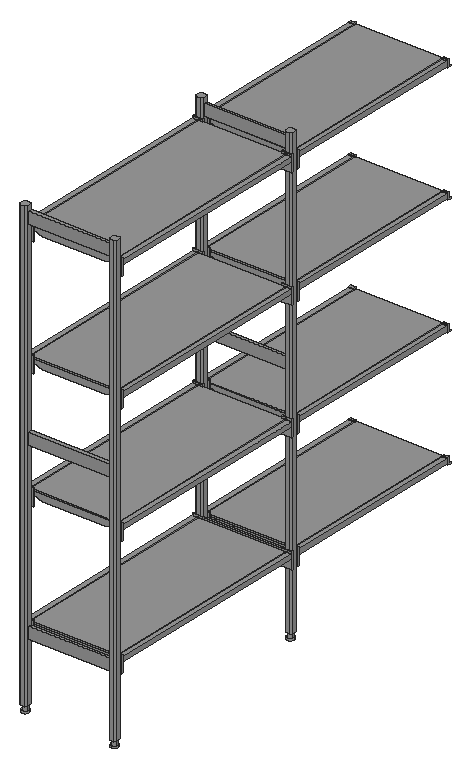
Revit family "QF_ELECTROLUXPROFESSIONAL_137059_ACS1574", category Attrezzature speciali, Revit 2020
Family settings
  Quota connettore circolare = Usa diametro
  Tipo di parte = Normale
  Basato su piano di lavoro = No
  Sempre verticale = Sì
  Taglio con vuoti quando caricato = No
  Condiviso = No
  Punto di calcolo locali = No
Parameters (values of type "Standard")
  Weight = 27.00 kg
  Watts = 0 W
  Volts = 0 V
  URL Manufacturer = "https://www.electroluxprofessional.com/"
  URL = "https://www.electroluxprofessional.com/"
  Steam Supply Size = 0 mm
  Steam Supply Minimum Pressure = 0.0 Pa
  Steam Supply Maximum Pressure = 0.0 Pa
  Steam Consumption per Hour = 0
  Refrigeration Suction Line Size = 0.0 mm
  Refrigeration Liquid Line Size = 0.0 mm
  Refrigerant Compressor Remote = yes
  Prospetto di default = 0.0 mm
  Phase = 0
  Modello = "ACS1574"
  Produttore = "Electrolux Professional"
  Length Actual = 1578.0 mm  # constant formula
  Item Number = "137059"
  Hot Water Size = 0 mm
  Height Actual = 1700.0 mm  # constant formula
  HP = "0 HP"
  Gas Size = 0 mm
  Gas KW = 0
  Gas Input Pressure = 0 W
  Direct Waste Size = 0 mm
  Descrizione = "ALUM.CORNER SHELV.-POLY.TIERS-373X1578MM"
  Depth Actual = 373.0 mm  # constant formula
  Cycle = 0 Hz
  Condensate Return Size = 0 mm
  Compressed Air Volume = 0.0 L/s
  Compressed Air Size = 0 mm
  Compressed Air Pressure = 0.0 Pa
  Cold Water Size = 0 mm
  Accessory = yes
Reference planes
  plane 1: z = 0
  plane 2 "CenterLeft": y = -535.5
  plane 3 "FRONT": y = -921.5
  plane 4 "LEFT": x = 192.5
  plane 5 "RIGHT": x = 565.5
  plane 6 "TOP": z = 1700
  plane 7: y = -889.5
  plane 8: y = -91.5
  plane 9 "Center (Left/Back)": x = 379
  plane 10: x = 205
  plane 11: x = 515
  plane 12 "FEET": z = 25
  plane 13: z = 275
  plane 14: z = 725
  plane 15: z = 1175
  plane 16: z = 1625
  plane 17 "CXLeft": y = -907.5
  plane 18 "Center (Front/Back)": y = -73.5
  plane 19 "CYFront": x = 510
  plane 20: y = 652.5
  plane 21: y = -55.5
  plane 22 "BACK": y = 656.5
  plane 23 "LEFT_ORIGIN": x = 158.5
  plane 24 "BACK_ORIGIN": y = 1029.5
Forms (mm)
  Extrusion 1, solid, material "QF_Aluminum"
    sketch origin (38.022, -921.5, -4.006) x (-1, 0, 0) y (0, 0, 1)
      loop
        line (-189.5, 1637.003) -> (-173.5, 1637.003) -> (-173.5, 1655) -> (-175.493, 1655) -> (-175.493, 1648.501) -> (-506.5, 1648.501) -> (-506.5, 1655) -> (-508.5, 1655) -> (-508.5, 1637.003) -> (-492.5, 1637.003) -> (-458.5, 1625) -> (-223.5, 1625) -> (-189.5, 1637.003)
      loop
        line (-189.5, 1187.003) -> (-173.5, 1187.003) -> (-173.5, 1205) -> (-175.493, 1205) -> (-175.493, 1198.501) -> (-506.5, 1198.501) -> (-506.5, 1205) -> (-508.5, 1205) -> (-508.5, 1187.003) -> (-492.5, 1187.003) -> (-458.5, 1175) -> (-223.5, 1175) -> (-189.5, 1187.003)
      loop
        line (-189.5, 737.003) -> (-173.5, 737.003) -> (-173.5, 755) -> (-175.493, 755) -> (-175.493, 748.501) -> (-506.5, 748.501) -> (-506.5, 755) -> (-508.5, 755) -> (-508.5, 737.003) -> (-492.5, 737.003) -> (-458.5, 725) -> (-223.5, 725) -> (-189.5, 737.003)
      loop
        line (-189.5, 287.003) -> (-173.5, 287.003) -> (-173.5, 305) -> (-175.493, 305) -> (-175.493, 298.501) -> (-506.5, 298.501) -> (-506.5, 305) -> (-508.5, 305) -> (-508.5, 287.003) -> (-492.5, 287.003) -> (-458.5, 275) -> (-223.5, 275) -> (-189.5, 287.003)
    from 37 to 32
  Extrusion 2, solid, material "QF_Aluminum"
    sketch origin (38.022, -921.5, 0) x (-1, 0, 0) y (0, 0, 1)
      loop
        line (-154.478, 246.005) -> (-154.478, 307.993) -> (-190.471, 307.993) -> (-190.471, 246.005) -> (-154.478, 246.005)
      loop
        line (-527.478, 246.005) -> (-491.484, 246.005) -> (-491.484, 307.993) -> (-527.478, 307.993) -> (-527.478, 246.005)
      loop
        line (-154.478, 696.005) -> (-154.478, 757.993) -> (-190.471, 757.993) -> (-190.471, 696.005) -> (-154.478, 696.005)
      loop
        line (-527.478, 696.005) -> (-491.484, 696.005) -> (-491.484, 757.993) -> (-527.478, 757.993) -> (-527.478, 696.005)
      loop
        line (-154.478, 1146.005) -> (-154.478, 1207.993) -> (-190.471, 1207.993) -> (-190.471, 1146.005) -> (-154.478, 1146.005)
      loop
        line (-527.478, 1146.005) -> (-491.484, 1146.005) -> (-491.484, 1207.993) -> (-527.478, 1207.993) -> (-527.478, 1146.005)
      loop
        line (-154.478, 1596.005) -> (-154.478, 1657.993) -> (-190.471, 1657.993) -> (-190.471, 1596.005) -> (-154.478, 1596.005)
      loop
        line (-527.478, 1596.005) -> (-491.484, 1596.005) -> (-491.484, 1657.993) -> (-527.478, 1657.993) -> (-527.478, 1596.005)
    from 28 to 32
  Extrusion 3, solid, material "QF_Aluminum"
    sketch origin (38.022, -921.5, 0) x (-1, 0, 0) y (0, 0, 1)
      loop
        line (-154.5, 1650.994) -> (-173.5, 1650.994) -> (-173.5, 1632.998) -> (-154.5, 1632.998) -> (-154.5, 1650.994)
      loop
        line (-154.5, 1200.994) -> (-173.5, 1200.994) -> (-173.5, 1182.998) -> (-154.5, 1182.998) -> (-154.5, 1200.994)
      loop
        line (-154.5, 750.994) -> (-173.5, 750.994) -> (-173.5, 732.998) -> (-154.5, 732.998) -> (-154.5, 750.994)
      loop
        line (-154.5, 300.994) -> (-173.5, 300.994) -> (-173.5, 282.998) -> (-154.5, 282.998) -> (-154.5, 300.994)
      loop
        line (-527.455, 1650.994) -> (-527.455, 1632.998) -> (-508.455, 1632.998) -> (-508.455, 1650.994) -> (-527.455, 1650.994)
      loop
        line (-527.455, 1200.994) -> (-527.455, 1182.998) -> (-508.455, 1182.998) -> (-508.455, 1200.994) -> (-527.455, 1200.994)
      loop
        line (-527.455, 750.994) -> (-527.455, 732.998) -> (-508.455, 732.998) -> (-508.455, 750.994) -> (-527.455, 750.994)
      loop
        line (-527.455, 300.994) -> (-527.455, 282.998) -> (-508.455, 282.998) -> (-508.455, 300.994) -> (-527.455, 300.994)
    from 32 to 830
  Extrusion 4, solid, material "QF_Polyethylene"
    sketch origin (38.022, -921.5, 0) x (-1, 0, 0) y (0, 0, 1)
      loop
        line (-175.493, 1650.994) -> (-506.5, 1650.994) -> (-506.5, 1644.496) -> (-175.493, 1644.496) -> (-175.493, 1650.994)
      loop
        line (-175.493, 1200.994) -> (-506.5, 1200.994) -> (-506.5, 1194.496) -> (-175.493, 1194.496) -> (-175.493, 1200.994)
      loop
        line (-175.493, 750.994) -> (-506.5, 750.994) -> (-506.5, 744.496) -> (-175.493, 744.496) -> (-175.493, 750.994)
      loop
        line (-175.493, 300.994) -> (-506.5, 300.994) -> (-506.5, 294.496) -> (-175.493, 294.496) -> (-175.493, 300.994)
    from 32 to 830
  Extrusion 5, solid, material "QF_Aluminum"
    sketch origin (38.022, 684.5, 0) x (-1, 0, 0) y (0, 0, 1)
      loop
        line (-154.5, 1650.994) -> (-173.5, 1650.994) -> (-173.5, 1632.998) -> (-154.5, 1632.998) -> (-154.5, 1650.994)
      loop
        line (-508.5, 1650.994) -> (-527.455, 1650.994) -> (-527.455, 1632.998) -> (-508.5, 1632.998) -> (-508.5, 1650.994)
      loop
        line (-154.5, 1200.994) -> (-173.5, 1200.994) -> (-173.5, 1182.998) -> (-154.5, 1182.998) -> (-154.5, 1200.994)
      loop
        line (-508.5, 1200.994) -> (-527.455, 1200.994) -> (-527.455, 1182.998) -> (-508.5, 1182.998) -> (-508.5, 1200.994)
      loop
        line (-154.5, 750.994) -> (-173.5, 750.994) -> (-173.5, 732.998) -> (-154.5, 732.998) -> (-154.5, 750.994)
      loop
        line (-508.5, 750.994) -> (-527.455, 750.994) -> (-527.455, 732.998) -> (-508.5, 732.998) -> (-508.5, 750.994)
      loop
        line (-154.5, 300.994) -> (-173.5, 300.994) -> (-173.5, 282.998) -> (-154.5, 282.998) -> (-154.5, 300.994)
      loop
        line (-508.5, 300.994) -> (-527.455, 300.994) -> (-527.455, 282.998) -> (-508.5, 282.998) -> (-508.5, 300.994)
    from -32 to -740
  Extrusion 6, solid, material "QF_Polyethylene"
    sketch origin (38.022, 684.5, 0) x (-1, 0, 0) y (0, 0, 1)
      loop
        line (-175.493, 1650.994) -> (-506.5, 1650.994) -> (-506.5, 1644.496) -> (-175.493, 1644.496) -> (-175.493, 1650.994)
      loop
        line (-175.493, 1200.994) -> (-506.5, 1200.994) -> (-506.5, 1194.496) -> (-175.493, 1194.496) -> (-175.493, 1200.994)
      loop
        line (-175.493, 750.994) -> (-506.5, 750.994) -> (-506.5, 744.496) -> (-175.493, 744.496) -> (-175.493, 750.994)
      loop
        line (-175.493, 300.994) -> (-506.5, 300.994) -> (-506.5, 294.496) -> (-175.493, 294.496) -> (-175.493, 300.994)
    from -32 to -740
Lines and regions (mm)
  symbolic lines
    curve 1: line (205, -912.5, 1700) -> (515, -912.5, 1700)
    curve 2: line (515, -902.5, 1700) -> (205, -902.5, 1700)
    curve 3: line (192.5, -893.5, 1700) -> (192.5, -87.5, 1700)
    curve 4: line (565.5, -889.5, 1700) -> (565.5, -91.5, 1700)
    curve 5: line (192.5, -59.5, 1700) -> (192.5, 656.5, 1700)
    curve 6: line (565.5, -59.5, 1700) -> (565.5, 656.5, 1700)
    curve 7: line (211.522, 652.5, 1700) -> (510.507, 652.5, 1700)
    curve 8: line (211.522, -91.5, 1700) -> (510.507, -91.5, 1700)
    curve 9: line (510.507, -55.5, 1700) -> (211.522, -55.5, 1700)
    curve 10: line (211.522, -889.5, 1700) -> (510.507, -889.5, 1700)
    curve 11: line (211.522, -889.5, 1700) -> (211.522, -91.5, 1700)
    curve 12: line (546.478, -91.5, 1700) -> (546.478, -889.5, 1700)
    curve 13: line (211.522, -55.5, 1700) -> (211.522, 652.5, 1700)
    curve 14: line (546.522, 652.5, 1700) -> (546.522, -145.5, 1700)
Dimensions and locks
  plane 3 "FRONT" to plane 2 "CenterLeft" = 386.0 mm
  locked: plane 6 "TOP" to level at 1700
  locked: plane 7 to plane 8 at 798
  locked: plane 10 to plane 11 at 310
  plane 10 to plane 9 "Center (Left/Back)" to plane 11 = 174.0 mm, 136.0 mm
  equal spacing: plane 4 "LEFT", plane 9 "Center (Left/Back)", plane 5 "RIGHT"
  plane 12 "FEET" to level = 25.0 mm
  plane 6 "TOP" to plane 12 "FEET" = 1675.0 mm
  plane 13 to plane 12 "FEET" = 250.0 mm
  plane 14 to plane 13 = 450.0 mm
  plane 15 to plane 14 = 450.0 mm
  plane 16 to plane 15 = 450.0 mm
  plane 19 "CYFront" to Extrusion 1 sketch curve = 34.522 mm
  locked: plane 21 to plane 20 at 708
  locked: plane 8 to plane 18 "Center (Front/Back)" at 18
  locked: plane 18 "Center (Front/Back)" to plane 21 at 18
  locked: plane 3 "FRONT" to plane 7 at 32
  locked: plane 4 "LEFT" to plane 5 "RIGHT" at 373
  locked: plane 23 "LEFT_ORIGIN" to plane 5 "RIGHT" at 407
  locked: plane 22 "BACK" to plane 24 "BACK_ORIGIN" at 373
  locked: plane 22 "BACK" to plane 3 "FRONT" at 1578
  aligned and locked: level to plane 1
  aligned and locked: Extrusion 1 to plane 7
  aligned and locked: plane 7 to Extrusion 2
  aligned and locked: Extrusion 4 to plane 7
  aligned and locked: plane 8 to Extrusion 4
  aligned and locked: Extrusion 3 to plane 7
  aligned and locked: plane 8 to Extrusion 3
  aligned and locked: Extrusion 1 sketch curve to Extrusion 1 sketch curve  (x3)
  aligned and locked: Extrusion 4 sketch curve to Extrusion 1  (x4)
  aligned and locked: Extrusion 5 sketch curve to Extrusion 5 sketch curve  (x2)
  aligned and locked: Extrusion 5 to plane 21  (x5)
  aligned and locked: Extrusion 6 to plane 21  (x5)
  aligned and locked: nested 2 to plane 18 "Center (Front/Back)"
  aligned and locked: nested 1 to plane 17 "CXLeft"
  aligned and locked: plane 7 to Extrusion 3  (x3)
  aligned and locked: Extrusion 3 to plane 8  (x4)
  aligned and locked: Extrusion 4 to plane 8  (x4)
  aligned and locked: plane 20 to Extrusion 5
  aligned and locked: plane 20 to Extrusion 6
  aligned and locked: Extrusion 5 to plane 20  (x3)
  aligned and locked: Extrusion 6 to plane 20  (x3)
  aligned and locked: plane 9 "Center (Left/Back)" to nested 2
  aligned and locked: nested 3 to plane 22 "BACK"
Automatic sketch dimensions
  curve 1 to plane 10 = 0.0 mm
  curve 1 to plane 11 = 0.0 mm
  curve 2 to plane 10 = 0.0 mm
  curve 2 to plane 11 = 0.0 mm
  curve 3 to plane 4 "LEFT" = 0.0 mm
  plane 7 to curve 10 = 0.0 mm
  curve 4 to plane 5 "RIGHT" = 0.0 mm
  plane 7 to curve 4 = 0.0 mm
  plane 8 to curve 8 = 0.0 mm
  plane 8 to curve 4 = 0.0 mm
  curve 6 to plane 5 "RIGHT" = 0.0 mm
  curve 5 to plane 4 "LEFT" = 0.0 mm
  curve 9 to plane 21 = 0.0 mm
  plane 20 to curve 7 = 0.0 mm
  plane 7 to curve 3 = 4.0 mm
  plane 17 "CXLeft" to curve 2 = 5.0 mm
  curve 1 to plane 17 "CXLeft" = 5.0 mm
  curve 3 to plane 8 = 4.0 mm
  curve 6 to plane 21 = 4.0 mm
  curve 5 to plane 21 = 4.0 mm
  curve 6 to plane 20 = 4.0 mm
  curve 5 to plane 20 = 4.0 mm
  plane 11 to curve 10 = 4.493 mm
  plane 11 to curve 9 = 4.493 mm
  plane 11 to curve 8 = 4.493 mm
  plane 11 to curve 7 = 4.493 mm
  curve 8 to plane 10 = 6.522 mm
  curve 7 to plane 10 = 6.522 mm
  Extrusion 1 sketch curve to plane 19 "CYFront" = 36.522 mm  (x4)
  Extrusion 1 sketch curve to plane 11 = 15.522 mm  (x4)
  Extrusion 1 sketch curve to plane 13 = 4.006 mm
  Extrusion 1 sketch curve to Extrusion 1 sketch curve = 34.0 mm  (x4)
  Extrusion 1 sketch curve to plane 14 = 4.006 mm
  Extrusion 1 sketch curve to plane 15 = 4.006 mm
  Extrusion 1 sketch curve to plane 16 = 4.006 mm
  Extrusion 1 sketch curve to plane 10 = 56.522 mm  (x4)
  Extrusion 1 sketch curve to plane 10 = 22.522 mm  (x4)
  plane 13 to Extrusion 1 sketch curve = 7.998 mm  (x2)
  Extrusion 1 sketch curve to Extrusion 1 sketch curve = 11.498 mm  (x4)
  Extrusion 1 sketch curve to Extrusion 1 sketch curve = 6.499 mm  (x8)
  plane 14 to Extrusion 1 sketch curve = 7.998 mm  (x2)
  plane 15 to Extrusion 1 sketch curve = 7.998 mm  (x2)
  plane 16 to Extrusion 1 sketch curve = 7.998 mm  (x2)
  Extrusion 2 sketch curve to plane 5 "RIGHT" = 0.0 mm  (x4)
  Extrusion 2 sketch curve to plane 4 "LEFT" = 0.0 mm  (x4)
  Extrusion 2 sketch curve to plane 11 = 14.507 mm  (x4)
  Extrusion 2 sketch curve to plane 10 = 23.493 mm  (x4)
  Extrusion 2 sketch curve to plane 13 = 28.995 mm  (x2)
  plane 13 to Extrusion 2 sketch curve = 32.993 mm  (x2)
  Extrusion 2 sketch curve to plane 14 = 28.995 mm  (x2)
  plane 14 to Extrusion 2 sketch curve = 32.993 mm  (x2)
  Extrusion 2 sketch curve to plane 15 = 28.995 mm  (x2)
  plane 15 to Extrusion 2 sketch curve = 32.993 mm  (x2)
  Extrusion 2 sketch curve to plane 16 = 28.995 mm  (x2)
  plane 16 to Extrusion 2 sketch curve = 32.993 mm  (x2)
  plane 13 to Extrusion 4 sketch curve = 19.496 mm
  Extrusion 4 sketch curve to Extrusion 4 sketch curve = 6.499 mm  (x4)
  plane 14 to Extrusion 4 sketch curve = 19.496 mm
  plane 15 to Extrusion 4 sketch curve = 19.496 mm
  plane 16 to Extrusion 4 sketch curve = 19.496 mm
  plane 5 "RIGHT" to Extrusion 5 sketch curve = 0.022 mm  (x4)
  Extrusion 5 sketch curve to plane 4 "LEFT" = 19.022 mm  (x4)
  Extrusion 5 sketch curve to plane 19 "CYFront" = 36.522 mm  (x2)
  plane 13 to Extrusion 5 sketch curve = 7.998 mm  (x2)
  Extrusion 5 sketch curve to Extrusion 5 sketch curve = 17.997 mm  (x8)
  plane 14 to Extrusion 5 sketch curve = 7.998 mm  (x2)
  plane 15 to Extrusion 5 sketch curve = 7.998 mm  (x2)
  plane 16 to Extrusion 5 sketch curve = 7.998 mm  (x2)
  Extrusion 6 sketch curve to plane 19 "CYFront" = 34.522 mm  (x4)
  plane 13 to Extrusion 6 sketch curve = 19.496 mm
  Extrusion 6 sketch curve to Extrusion 6 sketch curve = 6.499 mm  (x4)
  plane 14 to Extrusion 6 sketch curve = 19.496 mm
  plane 15 to Extrusion 6 sketch curve = 19.496 mm
  plane 16 to Extrusion 6 sketch curve = 19.496 mm
  plane 5 "RIGHT" to Extrusion 3 sketch curve = 0.022 mm  (x4)
  Extrusion 3 sketch curve to Extrusion 3 sketch curve = 19.0 mm  (x4)
  plane 14 to Extrusion 3 sketch curve = 7.998 mm  (x2)
  Extrusion 3 sketch curve to plane 10 = 6.522 mm  (x4)
  Extrusion 3 sketch curve to plane 4 "LEFT" = 0.022 mm  (x4)
  plane 13 to Extrusion 3 sketch curve = 25.994 mm  (x2)
  plane 13 to Extrusion 3 sketch curve = 7.998 mm  (x2)
  Extrusion 3 sketch curve to Extrusion 3 sketch curve = 17.997 mm  (x6)
  plane 15 to Extrusion 3 sketch curve = 7.998 mm  (x2)
  plane 16 to Extrusion 3 sketch curve = 7.998 mm  (x2)
  plane 7 to curve 12 = 0.0 mm
  plane 8 to curve 12 = 0.0 mm
  curve 4 to curve 12 = 19.022 mm
  Extrusion 1 sketch curve to plane 10 = 8.516 mm  (x4)
  Extrusion 1 sketch curve to plane 10 = 6.522 mm  (x2)
  Extrusion 1 sketch curve to Extrusion 1 sketch curve = 1.993 mm  (x2)
  Extrusion 4 sketch curve to plane 10 = 8.516 mm  (x4)
  Extrusion 5 sketch curve to plane 4 "LEFT" = 0.022 mm  (x4)
  Extrusion 6 sketch curve to plane 10 = 8.516 mm  (x4)
Nested families
  nested 1: "WT_Anta373" at (215.5, -504.5, 0) x (0, 1, 0) z (0, 0, 1), type "WT_Anta373"
  nested 2: "WT_Anta373Center" at (215.5, 329.5, 0) x (0, 1, 0) z (0, 0, 1), type "WT_Anta373Center"
  nested 3: "WT_Aggancio373" at (215.5, 1064.5, 0) x (0, 1, 0) z (0, 0, 1), type "WT_Aggancio373"
Definition of nested family "WT_Anta373"
  Parameters
    WidthLeft = A + 64.0 mm  # 772.0 mm
    Width = 1606.0 mm
    Right = WidthLeft / 2  # 386.0 mm
    Default Elevation = 0.0 mm
    Left = -WidthLeft / 2  # -386.0 mm
    Height = 1725.0 mm
    FEET = 25.0 mm
    E = 0.0 mm
    Dint = Depth - 63.0 mm  # 310.0 mm
    Dext = Depth - 8.0 mm  # 365.0 mm
    Depth = 373.0 mm
    DX = (WidthLeft - A) / 2  # 32.0 mm
    B = 798.0 mm
    A = 708.0 mm
  Reference planes
    plane 1: z = 0
    plane 2 "LEFT": x = -417
    plane 3 "BACK": y = 23
    plane 4 "FRONT": y = -350
    plane 5 "TOP": z = 1725
    plane 6 "Center (Front/Back)": y = -163.5
    plane 7: y = -8.5
    plane 8: y = -318.5
    plane 9 "FEET": z = 25
    plane 10: z = 275
    plane 11: z = 725
    plane 12: z = 1175
    plane 13: z = 1625
    plane 14 "CXLeft": x = -403
    plane 15: y = 5.5
    plane 16 "CYBack": y = 5.5
    plane 17 "CYFront": y = -332.5
    plane 18: x = -385.031
    plane 19: x = -380.031
  Forms (mm)
    Extrusion 1, solid
      sketch origin (0, 0, 0) x (1, 0, 0) y (0, 1, 0)
        loop
          line (-417, 13.246) -> (-417, -2.246) -> (-410.746, -8.5) -> (-395.254, -8.5) -> (-389, -2.246) -> (-389, 13.246) -> (-395.254, 19.5) -> (-410.746, 19.5) -> (-417, 13.246)
      from 1725 to 25
    Extrusion 2, solid
      sketch origin (-417, 0, 0) x (0, 1, 0) y (0, 0, 1)
        loop
          line (23, 246.005) -> (23, 307.993) -> (-12.993, 307.993) -> (-12.993, 246.005) -> (23, 246.005)
        loop
          line (-350, 246.005) -> (-314.007, 246.005) -> (-314.007, 307.993) -> (-350, 307.993) -> (-350, 246.005)
        loop
          line (23, 696.005) -> (23, 757.993) -> (-12.993, 757.993) -> (-12.993, 696.005) -> (23, 696.005)
        loop
          line (-350, 696.005) -> (-314.007, 696.005) -> (-314.007, 757.993) -> (-350, 757.993) -> (-350, 696.005)
        loop
          line (23, 1146.005) -> (23, 1207.993) -> (-12.993, 1207.993) -> (-12.993, 1146.005) -> (23, 1146.005)
        loop
          line (-350, 1146.005) -> (-314.007, 1146.005) -> (-314.007, 1207.993) -> (-350, 1207.993) -> (-350, 1146.005)
        loop
          line (23, 1596.005) -> (23, 1657.993) -> (-12.993, 1657.993) -> (-12.993, 1596.005) -> (23, 1596.005)
        loop
          line (-350, 1596.005) -> (-314.007, 1596.005) -> (-314.007, 1657.993) -> (-350, 1657.993) -> (-350, 1596.005)
      from 28 to 32
    Revolve 3, solid
      sketch origin (-403, 0, 0) x (0, 1, 0) y (0, 0, 1)
        loop
          line (5.5, 25) -> (5.5, 0) -> (19, 0) -> (19, 5) -> (14, 5) -> (14, 25) -> (5.5, 25)
        axis (5.5, 25) -> (5.5, 0)
      angle from 0 to 360
    Extrusion 4, solid
      sketch origin (-403, 0, 0) x (0, 1, 0) y (0, 0, 1)
        loop
          line (-8.5, 912.382) -> (-8.5, 957.374) -> (-318.5, 957.374) -> (-318.5, 912.382) -> (-8.5, 912.382)
        loop
          line (-8.5, 1662.244) -> (-8.5, 1707.236) -> (-318.5, 1707.236) -> (-318.5, 1662.244) -> (-8.5, 1662.244)
      from -5 to 5
    Revolve 5, solid
      sketch origin (-403, -627, 0) x (0, -1, 0) y (0, 0, 1)
        loop
          line (-294.5, 25) -> (-294.5, 0) -> (-281, 0) -> (-281, 5) -> (-286, 5) -> (-286, 25) -> (-294.5, 25)
        axis (-294.5, 25) -> (-294.5, 0)
      angle from 0 to 360
    Extrusion 6, solid
      sketch origin (0, -627, 0) x (1, 0, 0) y (0, 1, 0)
        loop
          line (-417, 286.754) -> (-410.746, 280.5) -> (-395.254, 280.5) -> (-389, 286.754) -> (-389, 302.246) -> (-395.254, 308.5) -> (-410.746, 308.5) -> (-417, 302.246) -> (-417, 286.754)
      from 1725 to 25
    Extrusion 7, solid
      sketch origin (-417.031, -0.022, 0) x (0, 1, 0) y (0, 0, -1)
        loop
          line (-12, -1632.998) -> (-46, -1620.994) -> (-281, -1620.994) -> (-315, -1632.998) -> (-331, -1632.998) -> (-331, -1650.994) -> (-329, -1650.994) -> (-329, -1644.496) -> (2.007, -1644.496) -> (2.007, -1650.994) -> (4, -1650.994) -> (4, -1632.998) -> (-12, -1632.998)
        loop
          line (-12, -1182.998) -> (-46, -1170.994) -> (-281, -1170.994) -> (-315, -1182.998) -> (-331, -1182.998) -> (-331, -1200.994) -> (-329, -1200.994) -> (-329, -1194.496) -> (2.007, -1194.496) -> (2.007, -1200.994) -> (4, -1200.994) -> (4, -1182.998) -> (-12, -1182.998)
        loop
          line (-12, -732.998) -> (-46, -720.994) -> (-281, -720.994) -> (-315, -732.998) -> (-331, -732.998) -> (-331, -750.994) -> (-329, -750.994) -> (-329, -744.496) -> (2.007, -744.496) -> (2.007, -750.994) -> (4, -750.994) -> (4, -732.998) -> (-12, -732.998)
        loop
          line (-12, -282.998) -> (-46, -270.994) -> (-281, -270.994) -> (-315, -282.998) -> (-331, -282.998) -> (-331, -300.994) -> (-329, -300.994) -> (-329, -294.496) -> (2.007, -294.496) -> (2.007, -300.994) -> (4, -300.994) -> (4, -282.998) -> (-12, -282.998)
      from -32 to -37
    Extrusion 8, solid
      sketch origin (-403, 0, -659.878) x (0, 1, 0) y (0, 0, 1)
        loop
          line (-8.5, 912.382) -> (-8.5, 957.374) -> (-318.5, 957.374) -> (-318.5, 912.382) -> (-8.5, 912.382)
        loop
          line (-8.5, 1572.382) -> (-8.5, 1617.374) -> (-318.5, 1617.374) -> (-318.5, 1572.382) -> (-8.5, 1572.382)
        loop
          line (-8.5, 2322.382) -> (-8.5, 2367.374) -> (-318.5, 2367.374) -> (-318.5, 2322.382) -> (-8.5, 2322.382)
      from -5 to 5
  Lines and regions (mm)
    symbolic lines
      curve 1: line (-408, -8.5, 1725) -> (-408, -318.5, 1725)
      curve 2: line (-398, -318.5, 1725) -> (-398, -8.5, 1725)
      curve 3: line (-395.254, -8.5, 1725) -> (-410.746, -8.5, 1725)
      curve 4: line (-417, -2.246, 1725) -> (-410.746, -8.5, 1725)
      curve 5: line (-417, 13.246, 1725) -> (-417, -2.246, 1725)
      curve 6: line (-410.746, 19.5, 1725) -> (-417, 13.246, 1725)
      curve 7: line (-395.254, 19.5, 1725) -> (-410.746, 19.5, 1725)
      curve 8: line (-389, 13.246, 1725) -> (-395.254, 19.5, 1725)
      curve 9: line (-395.254, -8.5, 1725) -> (-389, -2.246, 1725)
      curve 10: line (-395.254, -318.5, 1725) -> (-410.746, -318.5, 1725)
      curve 11: line (-417, -324.754, 1725) -> (-410.746, -318.5, 1725)
      curve 12: line (-410.746, -346.5, 1725) -> (-417, -340.246, 1725)
      curve 13: line (-395.254, -346.5, 1725) -> (-410.746, -346.5, 1725)
      curve 14: line (-389, -340.246, 1725) -> (-395.254, -346.5, 1725)
      curve 15: line (-395.254, -318.5, 1725) -> (-389, -324.754, 1725)
      curve 16: line (-389, -350, 1725) -> (-389, -314.007, 1725)
      curve 17: line (-389, -314.007, 1725) -> (-385, -314.007, 1725)
      curve 18: line (-389, 23, 1725) -> (-389, -12.993, 1725)
      curve 19: line (-389, -12.993, 1725) -> (-385, -12.993, 1725)
      curve 20: line (-417, -324.754, 1725) -> (-417, -340.246, 1725)
      curve 21: line (-385, -350, 1725) -> (-385, -314.007, 1725)
      curve 22: line (-385, -350, 1725) -> (-389, -350, 1725)
      curve 23: line (-385, 23, 1725) -> (-389, 23, 1725)
      curve 24: line (-385, -12.993, 1725) -> (-385, 23, 1725)
      curve 25: line (-385.031, -13.016, 1725) -> (-385.031, -314.029, 1725)
  Dimensions and locks
    "Height": plane 5 "TOP" to level
    "Depth": plane 3 "BACK" to plane 4 "FRONT"
    "Dint": plane 7 to plane 8
    equal spacing: plane 7, plane 6 "Center (Front/Back)", plane 8
    equal spacing: plane 3 "BACK", plane 6 "Center (Front/Back)", plane 4 "FRONT"
    plane 9 "FEET" to level = 25.0 mm
    plane 5 "TOP" to plane 9 "FEET" = 1700.0 mm
    plane 10 to plane 9 "FEET" = 250.0 mm
    plane 11 to plane 10 = 450.0 mm
    plane 12 to plane 11 = 450.0 mm
    plane 13 to plane 12 = 450.0 mm
    locked: plane 2 "LEFT" to plane 14 "CXLeft" at 14
    locked: plane 3 "BACK" to plane 16 "CYBack" at 17.5
    locked: plane 17 "CYFront" to plane 4 "FRONT" at 17.5
    locked: Revolve 3 sketch curve to Revolve 3 sketch curve at 8.5
    locked: Revolve 3 sketch curve to plane 16 "CYBack" at 13.5
    locked: Revolve 5 sketch curve to Revolve 5 sketch curve at 8.5
    aligned and locked: level to plane 1
    aligned and locked: curve 20 to Extrusion 6
    aligned and locked: plane 5 "TOP" to Extrusion 1
    aligned and locked: plane 5 "TOP" to Extrusion 6
    aligned and locked: Extrusion 7 sketch curve to Extrusion 7 sketch curve  (x3)
  Automatic sketch dimensions
    curve 16 to plane 4 "FRONT" = 0.0 mm
    curve 11 to plane 8 = 0.0 mm
    curve 9 to plane 7 = 0.0 mm
    curve 5 to plane 2 "LEFT" = 0.0 mm
    curve 23 to plane 3 "BACK" = 0.0 mm
    plane 4 "FRONT" to curve 13 = 3.5 mm
    curve 20 to plane 17 "CYFront" = 7.746 mm
    curve 20 to plane 8 = 6.254 mm
    plane 8 to curve 16 = 4.493 mm
    curve 24 to plane 18 = 0.031 mm
    curve 24 to plane 7 = 4.493 mm
    plane 7 to curve 5 = 6.254 mm
    curve 5 to plane 15 = 7.746 mm
    curve 6 to plane 3 "BACK" = 3.5 mm
    curve 21 to plane 18 = 0.031 mm
    plane 18 to curve 23 = 3.969 mm
    plane 18 to curve 16 = 3.969 mm
    curve 18 to curve 8 = 6.254 mm
    curve 18 to curve 3 = 6.254 mm
    curve 16 to curve 13 = 6.254 mm
    curve 16 to curve 15 = 6.254 mm
    plane 2 "LEFT" to curve 10 = 6.254 mm
    plane 2 "LEFT" to curve 7 = 6.254 mm
    plane 2 "LEFT" to curve 12 = 6.254 mm
    plane 2 "LEFT" to curve 3 = 6.254 mm
    curve 14 to plane 17 "CYFront" = 7.746 mm
    curve 15 to plane 8 = 6.254 mm
    plane 7 to curve 9 = 6.254 mm
    curve 8 to plane 15 = 7.746 mm
    curve 3 to curve 2 = 2.746 mm
    curve 1 to curve 10 = 2.746 mm
    Extrusion 1 sketch curve to plane 2 "LEFT" = 0.0 mm
    Extrusion 1 sketch curve to plane 7 = 0.0 mm
    plane 2 "LEFT" to Extrusion 1 sketch curve = 6.254 mm  (x2)
    plane 14 "CXLeft" to Extrusion 1 sketch curve = 7.746 mm  (x2)
    Extrusion 1 sketch curve to plane 3 "BACK" = 3.5 mm
    plane 18 to Extrusion 1 sketch curve = 3.969 mm
    plane 7 to Extrusion 1 sketch curve = 6.254 mm  (x2)
    Extrusion 1 sketch curve to plane 15 = 7.746 mm  (x2)
    Extrusion 2 sketch curve to plane 4 "FRONT" = 0.0 mm  (x4)
    Extrusion 2 sketch curve to plane 3 "BACK" = 0.0 mm  (x4)
    plane 8 to Extrusion 2 sketch curve = 4.493 mm  (x4)
    Extrusion 2 sketch curve to plane 7 = 4.493 mm  (x4)
    Extrusion 2 sketch curve to plane 10 = 28.995 mm  (x2)
    plane 10 to Extrusion 2 sketch curve = 32.993 mm  (x2)
    Extrusion 2 sketch curve to plane 11 = 28.995 mm  (x2)
    plane 11 to Extrusion 2 sketch curve = 32.993 mm  (x2)
    Extrusion 2 sketch curve to plane 12 = 28.995 mm  (x2)
    plane 12 to Extrusion 2 sketch curve = 32.993 mm  (x2)
    Extrusion 2 sketch curve to plane 13 = 28.995 mm  (x2)
    plane 13 to Extrusion 2 sketch curve = 32.993 mm  (x2)
    Revolve 3 sketch curve to plane 9 "FEET" = 0.0 mm  (x2)
    Revolve 3 sketch curve to plane 15 = 0.0 mm  (x2)
    Revolve 3 sketch curve to level = 0.0 mm
    level to Revolve 3 sketch curve = 5.0 mm
    Revolve 3 sketch curve to Revolve 3 sketch curve = 11.655 mm
    Extrusion 4 sketch curve to plane 8 = 0.0 mm  (x2)
    Extrusion 4 sketch curve to plane 7 = 0.0 mm  (x2)
    plane 11 to Extrusion 4 sketch curve = 187.382 mm
    Extrusion 4 sketch curve to Extrusion 4 sketch curve = 44.992 mm
    plane 13 to Extrusion 4 sketch curve = 37.244 mm
    Extrusion 4 sketch curve to plane 5 "TOP" = 17.764 mm
    Revolve 5 sketch curve to plane 9 "FEET" = 0.0 mm  (x2)
    Revolve 5 sketch curve to plane 17 "CYFront" = 0.0 mm  (x2)
    Revolve 5 sketch curve to level = 0.0 mm
    Revolve 5 sketch curve to plane 4 "FRONT" = 4.0 mm
    Revolve 5 sketch curve to Revolve 5 sketch curve = 5.0 mm
    level to Revolve 5 sketch curve = 11.655 mm
    Extrusion 6 sketch curve to plane 2 "LEFT" = 0.0 mm
    Extrusion 6 sketch curve to plane 8 = 0.0 mm
    Extrusion 6 sketch curve to plane 2 "LEFT" = 6.254 mm  (x2)
    Extrusion 6 sketch curve to plane 14 "CXLeft" = 7.746 mm  (x2)
    Extrusion 6 sketch curve to plane 4 "FRONT" = 3.5 mm
    Extrusion 6 sketch curve to plane 18 = 3.969 mm
    plane 8 to Extrusion 6 sketch curve = 6.254 mm  (x2)
    plane 17 "CYFront" to Extrusion 6 sketch curve = 7.746 mm  (x2)
    plane 17 "CYFront" to Extrusion 7 sketch curve = 1.478 mm  (x4)
    Extrusion 7 sketch curve to Extrusion 7 sketch curve = 2.0 mm
    plane 8 to Extrusion 7 sketch curve = 3.478 mm  (x4)
    Extrusion 7 sketch curve to plane 10 = 4.006 mm
    Extrusion 7 sketch curve to Extrusion 7 sketch curve = 34.0 mm  (x4)
    Extrusion 7 sketch curve to plane 11 = 4.006 mm
    Extrusion 7 sketch curve to plane 12 = 4.006 mm
    Extrusion 7 sketch curve to plane 13 = 4.006 mm
    Extrusion 7 sketch curve to plane 7 = 37.522 mm  (x4)
    Extrusion 7 sketch curve to plane 7 = 3.522 mm  (x4)
    plane 15 to Extrusion 7 sketch curve = 3.516 mm  (x4)
    plane 15 to Extrusion 7 sketch curve = 1.522 mm  (x4)
    plane 13 to Extrusion 7 sketch curve = 7.998 mm  (x2)
    Extrusion 7 sketch curve to Extrusion 7 sketch curve = 11.498 mm
    Extrusion 7 sketch curve to Extrusion 7 sketch curve = 6.499 mm  (x5)
    plane 12 to Extrusion 7 sketch curve = 25.994 mm  (x2)
    plane 12 to Extrusion 7 sketch curve = 7.998 mm  (x2)
    plane 11 to Extrusion 7 sketch curve = 25.994 mm  (x2)
    plane 11 to Extrusion 7 sketch curve = 7.998 mm  (x2)
    plane 10 to Extrusion 7 sketch curve = 25.994 mm  (x2)
    plane 10 to Extrusion 7 sketch curve = 7.998 mm  (x2)
    curve 25 to plane 18 = 0.0 mm
    plane 8 to curve 25 = 4.471 mm
    curve 25 to plane 7 = 4.516 mm
    Extrusion 8 sketch curve to plane 8 = 0.0 mm  (x3)
    Extrusion 8 sketch curve to plane 7 = 0.0 mm  (x3)
    Extrusion 8 sketch curve to plane 10 = 22.496 mm
    plane 10 to Extrusion 8 sketch curve = 22.496 mm
    plane 11 to Extrusion 8 sketch curve = 187.504 mm
    Extrusion 8 sketch curve to Extrusion 8 sketch curve = 44.992 mm
    plane 13 to Extrusion 8 sketch curve = 37.504 mm
    Extrusion 8 sketch curve to plane 5 "TOP" = 17.504 mm
Definition of nested family "WT_Anta373Center"
  Parameters
    WidthLeft = A + 64.0 mm  # 772.0 mm
    Width = 1606.0 mm
    Right = WidthLeft / 2  # 386.0 mm
    Default Elevation = 0.0 mm
    Left = -WidthLeft / 2  # -386.0 mm
    Height = 1725.0 mm
    FEET = 25.0 mm
    E = 0.0 mm
    Dint = Depth - 63.0 mm  # 310.0 mm
    Dext = Depth - 8.0 mm  # 365.0 mm
    Depth = 373.0 mm
    DX = (WidthLeft - A) / 2  # 32.0 mm
    B = 798.0 mm
    A = 708.0 mm
  Reference planes
    plane 1: z = 0
    plane 2 "L": x = -417
    plane 3 "BACK": y = 23
    plane 4 "FRONT": y = -350
    plane 5 "TOP": z = 1725
    plane 6 "Center (Front/Back)": y = -163.5
    plane 7: y = -8.5
    plane 8: y = -318.5
    plane 9 "FEET": z = 25
    plane 10: z = 275
    plane 11: z = 725
    plane 12: z = 1175
    plane 13: z = 1625
    plane 14 "CXLeft": x = -403
    plane 15: y = 5.5
    plane 16 "CYBack": y = 5.5
    plane 17 "CYFront": y = -332.5
    plane 18: x = -385.031
    plane 19 "RIGHT": x = -380.031
    plane 20: x = -420.969
    plane 21 "LEFT": x = -425.969
  Forms (mm)
    Extrusion 1, solid
      sketch origin (0, 0, 0) x (1, 0, 0) y (0, 1, 0)
        loop
          line (-417, 13.246) -> (-417, -2.246) -> (-410.746, -8.5) -> (-395.254, -8.5) -> (-389, -2.246) -> (-389, 13.246) -> (-395.254, 19.5) -> (-410.746, 19.5) -> (-417, 13.246)
      from 1725 to 25
    Extrusion 2, solid
      sketch origin (-417, 0, 0) x (0, 1, 0) y (0, 0, 1)
        loop
          line (23, 246.005) -> (23, 307.993) -> (-12.993, 307.993) -> (-12.993, 246.005) -> (23, 246.005)
        loop
          line (-350, 246.005) -> (-314.007, 246.005) -> (-314.007, 307.993) -> (-350, 307.993) -> (-350, 246.005)
        loop
          line (23, 696.005) -> (23, 757.993) -> (-12.993, 757.993) -> (-12.993, 696.005) -> (23, 696.005)
        loop
          line (-350, 696.005) -> (-314.007, 696.005) -> (-314.007, 757.993) -> (-350, 757.993) -> (-350, 696.005)
        loop
          line (23, 1146.005) -> (23, 1207.993) -> (-12.993, 1207.993) -> (-12.993, 1146.005) -> (23, 1146.005)
        loop
          line (-350, 1146.005) -> (-314.007, 1146.005) -> (-314.007, 1207.993) -> (-350, 1207.993) -> (-350, 1146.005)
        loop
          line (23, 1596.005) -> (23, 1657.993) -> (-12.993, 1657.993) -> (-12.993, 1596.005) -> (23, 1596.005)
        loop
          line (-350, 1596.005) -> (-314.007, 1596.005) -> (-314.007, 1657.993) -> (-350, 1657.993) -> (-350, 1596.005)
      from 28 to 32
    Revolve 3, solid
      sketch origin (-403, 0, 0) x (0, 1, 0) y (0, 0, 1)
        loop
          line (5.5, 25) -> (5.5, 0) -> (19, 0) -> (19, 5) -> (14, 5) -> (14, 25) -> (5.5, 25)
        axis (5.5, 25) -> (5.5, 0)
      angle from 0 to 360
    Extrusion 4, solid
      sketch origin (-403, 0, 0) x (0, 1, 0) y (0, 0, 1)
        loop
          line (-8.5, 912.382) -> (-8.5, 957.374) -> (-318.5, 957.374) -> (-318.5, 912.382) -> (-8.5, 912.382)
        loop
          line (-8.5, 1662.244) -> (-8.5, 1707.236) -> (-318.5, 1707.236) -> (-318.5, 1662.244) -> (-8.5, 1662.244)
      from -5 to 5
    Revolve 5, solid
      sketch origin (-403, -627, 0) x (0, -1, 0) y (0, 0, 1)
        loop
          line (-294.5, 25) -> (-294.5, 0) -> (-281, 0) -> (-281, 5) -> (-286, 5) -> (-286, 25) -> (-294.5, 25)
        axis (-294.5, 25) -> (-294.5, 0)
      angle from 0 to 360
    Extrusion 6, solid
      sketch origin (0, -627, 0) x (1, 0, 0) y (0, 1, 0)
        loop
          line (-417, 286.754) -> (-410.746, 280.5) -> (-395.254, 280.5) -> (-389, 286.754) -> (-389, 302.246) -> (-395.254, 308.5) -> (-410.746, 308.5) -> (-417, 302.246) -> (-417, 286.754)
      from 1725 to 25
    Extrusion 7, solid
      sketch origin (-417.031, -0.022, 0) x (0, 1, 0) y (0, 0, -1)
        loop
          line (-12, -1632.998) -> (-46, -1620.994) -> (-281, -1620.994) -> (-315, -1632.998) -> (-331, -1632.998) -> (-331, -1650.994) -> (-329, -1650.994) -> (-329, -1644.496) -> (2.007, -1644.496) -> (2.007, -1650.994) -> (4, -1650.994) -> (4, -1632.998) -> (-12, -1632.998)
        loop
          line (-12, -1182.998) -> (-46, -1170.994) -> (-281, -1170.994) -> (-315, -1182.998) -> (-331, -1182.998) -> (-331, -1200.994) -> (-329, -1200.994) -> (-329, -1194.496) -> (2.007, -1194.496) -> (2.007, -1200.994) -> (4, -1200.994) -> (4, -1182.998) -> (-12, -1182.998)
        loop
          line (-12, -732.998) -> (-46, -720.994) -> (-281, -720.994) -> (-315, -732.998) -> (-331, -732.998) -> (-331, -750.994) -> (-329, -750.994) -> (-329, -744.496) -> (2.007, -744.496) -> (2.007, -750.994) -> (4, -750.994) -> (4, -732.998) -> (-12, -732.998)
        loop
          line (-12, -282.998) -> (-46, -270.994) -> (-281, -270.994) -> (-315, -282.998) -> (-331, -282.998) -> (-331, -300.994) -> (-329, -300.994) -> (-329, -294.496) -> (2.007, -294.496) -> (2.007, -300.994) -> (4, -300.994) -> (4, -282.998) -> (-12, -282.998)
      from -32 to -37
    Extrusion 8, solid
      sketch origin (-403, 0, -659.878) x (0, 1, 0) y (0, 0, 1)
        loop
          line (-8.5, 912.382) -> (-8.5, 957.374) -> (-318.5, 957.374) -> (-318.5, 912.382) -> (-8.5, 912.382)
        loop
          line (-8.5, 1572.382) -> (-8.5, 1617.374) -> (-318.5, 1617.374) -> (-318.5, 1572.382) -> (-8.5, 1572.382)
        loop
          line (-8.5, 2322.382) -> (-8.5, 2367.374) -> (-318.5, 2367.374) -> (-318.5, 2322.382) -> (-8.5, 2322.382)
      from -5 to 5
    Extrusion 9, solid
      sketch origin (-389, 0, 0) x (0, 1, 0) y (0, 0, -1)
        loop
          line (23, -246.005) -> (-12.993, -246.005) -> (-12.993, -307.993) -> (23, -307.993) -> (23, -246.005)
        loop
          line (-350, -246.005) -> (-350, -307.993) -> (-314.007, -307.993) -> (-314.007, -246.005) -> (-350, -246.005)
        loop
          line (23, -696.005) -> (-12.993, -696.005) -> (-12.993, -757.993) -> (23, -757.993) -> (23, -696.005)
        loop
          line (-350, -696.005) -> (-350, -757.993) -> (-314.007, -757.993) -> (-314.007, -696.005) -> (-350, -696.005)
        loop
          line (23, -1146.005) -> (-12.993, -1146.005) -> (-12.993, -1207.993) -> (23, -1207.993) -> (23, -1146.005)
        loop
          line (-350, -1146.005) -> (-350, -1207.993) -> (-314.007, -1207.993) -> (-314.007, -1146.005) -> (-350, -1146.005)
        loop
          line (23, -1596.005) -> (-12.993, -1596.005) -> (-12.993, -1657.993) -> (23, -1657.993) -> (23, -1596.005)
        loop
          line (-350, -1596.005) -> (-350, -1657.993) -> (-314.007, -1657.993) -> (-314.007, -1596.005) -> (-350, -1596.005)
      from 28 to 32
    Extrusion 10, solid
      sketch origin (-388.969, -0.022, 0) x (0, 1, 0) y (0, 0, 1)
        loop
          line (-12, 1632.998) -> (4, 1632.998) -> (4, 1650.994) -> (2.007, 1650.994) -> (2.007, 1644.496) -> (-329, 1644.496) -> (-329, 1650.994) -> (-331, 1650.994) -> (-331, 1632.998) -> (-315, 1632.998) -> (-281, 1620.994) -> (-46, 1620.994) -> (-12, 1632.998)
        loop
          line (-12, 1182.998) -> (4, 1182.998) -> (4, 1200.994) -> (2.007, 1200.994) -> (2.007, 1194.496) -> (-329, 1194.496) -> (-329, 1200.994) -> (-331, 1200.994) -> (-331, 1182.998) -> (-315, 1182.998) -> (-281, 1170.994) -> (-46, 1170.994) -> (-12, 1182.998)
        loop
          line (-12, 732.998) -> (4, 732.998) -> (4, 750.994) -> (2.007, 750.994) -> (2.007, 744.496) -> (-329, 744.496) -> (-329, 750.994) -> (-331, 750.994) -> (-331, 732.998) -> (-315, 732.998) -> (-281, 720.994) -> (-46, 720.994) -> (-12, 732.998)
        loop
          line (-12, 282.998) -> (4, 282.998) -> (4, 300.994) -> (2.007, 300.994) -> (2.007, 294.496) -> (-329, 294.496) -> (-329, 300.994) -> (-331, 300.994) -> (-331, 282.998) -> (-315, 282.998) -> (-281, 270.994) -> (-46, 270.994) -> (-12, 282.998)
      from -32 to -37
  Lines and regions (mm)
    symbolic lines
      curve 1: line (-408, -8.5, 1725) -> (-408, -318.5, 1725)
      curve 2: line (-398, -318.5, 1725) -> (-398, -8.5, 1725)
      curve 3: line (-395.254, -8.5, 1725) -> (-410.746, -8.5, 1725)
      curve 4: line (-417, -2.246, 1725) -> (-410.746, -8.5, 1725)
      curve 5: line (-410.746, 19.5, 1725) -> (-417, 13.246, 1725)
      curve 6: line (-395.254, 19.5, 1725) -> (-410.746, 19.5, 1725)
      curve 7: line (-389, 13.246, 1725) -> (-395.254, 19.5, 1725)
      curve 8: line (-395.254, -8.5, 1725) -> (-389, -2.246, 1725)
      curve 9: line (-395.254, -318.5, 1725) -> (-410.746, -318.5, 1725)
      curve 10: line (-417, -324.754, 1725) -> (-410.746, -318.5, 1725)
      curve 11: line (-410.746, -346.5, 1725) -> (-417, -340.246, 1725)
      curve 12: line (-395.254, -346.5, 1725) -> (-410.746, -346.5, 1725)
      curve 13: line (-389, -340.246, 1725) -> (-395.254, -346.5, 1725)
      curve 14: line (-395.254, -318.5, 1725) -> (-389, -324.754, 1725)
      curve 15: line (-389, -350, 1725) -> (-389, -314.007, 1725)
      curve 16: line (-389, -314.007, 1725) -> (-385, -314.007, 1725)
      curve 17: line (-389, 23, 1725) -> (-389, -12.993, 1725)
      curve 18: line (-389, -12.993, 1725) -> (-385, -12.993, 1725)
      curve 19: line (-385, -350, 1725) -> (-385, -314.007, 1725)
      curve 20: line (-385, -350, 1725) -> (-389, -350, 1725)
      curve 21: line (-385, 23, 1725) -> (-389, 23, 1725)
      curve 22: line (-385, -12.993, 1725) -> (-385, 23, 1725)
      curve 23: line (-385.031, -13.016, 1725) -> (-385.031, -314.029, 1725)
      curve 24: line (-417, -350, 1725) -> (-417, -314.007, 1725)
      curve 25: line (-417, -314.007, 1725) -> (-421, -314.007, 1725)
      curve 26: line (-417, 23, 1725) -> (-417, -12.993, 1725)
      curve 27: line (-417, -12.993, 1725) -> (-421, -12.993, 1725)
      curve 28: line (-421, -350, 1725) -> (-421, -314.007, 1725)
      curve 29: line (-421, -350, 1725) -> (-417, -350, 1725)
      curve 30: line (-421, 23, 1725) -> (-417, 23, 1725)
      curve 31: line (-421, -12.993, 1725) -> (-421, 23, 1725)
      curve 32: line (-420.969, -13.016, 1725) -> (-420.969, -314.029, 1725)
  Dimensions and locks
    "Height": plane 5 "TOP" to level
    "Depth": plane 3 "BACK" to plane 4 "FRONT"
    "Dint": plane 7 to plane 8
    equal spacing: plane 7, plane 6 "Center (Front/Back)", plane 8
    equal spacing: plane 3 "BACK", plane 6 "Center (Front/Back)", plane 4 "FRONT"
    plane 9 "FEET" to level = 25.0 mm
    plane 5 "TOP" to plane 9 "FEET" = 1700.0 mm
    plane 10 to plane 9 "FEET" = 250.0 mm
    plane 11 to plane 10 = 450.0 mm
    plane 12 to plane 11 = 450.0 mm
    plane 13 to plane 12 = 450.0 mm
    locked: plane 3 "BACK" to plane 16 "CYBack" at 17.5
    locked: plane 17 "CYFront" to plane 4 "FRONT" at 17.5
    locked: Revolve 3 sketch curve to Revolve 3 sketch curve at 8.5
    locked: Revolve 3 sketch curve to plane 16 "CYBack" at 13.5
    locked: Revolve 5 sketch curve to Revolve 5 sketch curve at 8.5
    aligned and locked: level to plane 1
    aligned and locked: plane 5 "TOP" to Extrusion 1
    aligned and locked: plane 5 "TOP" to Extrusion 6
    aligned and locked: Extrusion 7 sketch curve to Extrusion 7 sketch curve  (x3)
    aligned and locked: Extrusion 10 sketch curve to Extrusion 10 sketch curve  (x3)
  Automatic sketch dimensions
    curve 15 to plane 4 "FRONT" = 0.0 mm
    curve 28 to plane 4 "FRONT" = 0.0 mm
    curve 9 to plane 8 = 0.0 mm
    curve 25 to plane 2 "L" = 0.0 mm
    curve 8 to plane 7 = 0.0 mm
    curve 17 to plane 3 "BACK" = 0.0 mm
    curve 30 to plane 3 "BACK" = 0.0 mm
    plane 4 "FRONT" to curve 11 = 3.5 mm
    curve 19 to plane 18 = 0.031 mm
    plane 8 to curve 19 = 4.493 mm
    plane 8 to curve 25 = 4.493 mm
    curve 27 to plane 20 = 0.031 mm
    curve 27 to plane 7 = 4.493 mm
    curve 17 to plane 7 = 4.493 mm
    curve 5 to plane 15 = 7.746 mm
    curve 7 to plane 3 "BACK" = 3.5 mm
    curve 18 to plane 18 = 0.031 mm
    plane 18 to curve 21 = 3.969 mm
    plane 18 to curve 20 = 3.969 mm
    curve 15 to curve 9 = 6.254 mm
    curve 17 to curve 7 = 6.254 mm
    curve 17 to curve 3 = 6.254 mm
    curve 15 to curve 12 = 6.254 mm
    plane 2 "L" to curve 12 = 6.254 mm
    plane 2 "L" to curve 4 = 6.254 mm
    plane 2 "L" to curve 10 = 6.254 mm
    plane 2 "L" to curve 5 = 6.254 mm
    curve 28 to plane 20 = 0.031 mm
    curve 13 to plane 17 "CYFront" = 7.746 mm
    curve 14 to plane 8 = 6.254 mm
    plane 7 to curve 8 = 6.254 mm
    curve 7 to plane 15 = 7.746 mm
    curve 9 to curve 2 = 2.746 mm
    curve 1 to curve 9 = 2.746 mm
    Extrusion 1 sketch curve to plane 2 "L" = 0.0 mm
    Extrusion 1 sketch curve to plane 7 = 0.0 mm
    plane 2 "L" to Extrusion 1 sketch curve = 6.254 mm  (x2)
    plane 14 "CXLeft" to Extrusion 1 sketch curve = 7.746 mm  (x2)
    Extrusion 1 sketch curve to plane 3 "BACK" = 3.5 mm
    plane 18 to Extrusion 1 sketch curve = 3.969 mm
    plane 7 to Extrusion 1 sketch curve = 6.254 mm  (x2)
    Extrusion 1 sketch curve to plane 15 = 7.746 mm  (x2)
    Extrusion 2 sketch curve to plane 4 "FRONT" = 0.0 mm  (x4)
    Extrusion 2 sketch curve to plane 3 "BACK" = 0.0 mm  (x4)
    plane 8 to Extrusion 2 sketch curve = 4.493 mm  (x4)
    Extrusion 2 sketch curve to plane 7 = 4.493 mm  (x4)
    Extrusion 2 sketch curve to plane 10 = 28.995 mm  (x2)
    plane 10 to Extrusion 2 sketch curve = 32.993 mm  (x2)
    Extrusion 2 sketch curve to plane 11 = 28.995 mm  (x2)
    plane 11 to Extrusion 2 sketch curve = 32.993 mm  (x2)
    Extrusion 2 sketch curve to plane 12 = 28.995 mm  (x2)
    plane 12 to Extrusion 2 sketch curve = 32.993 mm  (x2)
    Extrusion 2 sketch curve to plane 13 = 28.995 mm  (x2)
    plane 13 to Extrusion 2 sketch curve = 32.993 mm  (x2)
    Revolve 3 sketch curve to plane 9 "FEET" = 0.0 mm  (x2)
    Revolve 3 sketch curve to plane 15 = 0.0 mm  (x2)
    Revolve 3 sketch curve to level = 0.0 mm
    level to Revolve 3 sketch curve = 5.0 mm
    Revolve 3 sketch curve to Revolve 3 sketch curve = 11.655 mm
    Extrusion 4 sketch curve to plane 8 = 0.0 mm  (x2)
    Extrusion 4 sketch curve to plane 7 = 0.0 mm  (x2)
    plane 11 to Extrusion 4 sketch curve = 187.382 mm
    Extrusion 4 sketch curve to Extrusion 4 sketch curve = 44.992 mm
    plane 13 to Extrusion 4 sketch curve = 37.244 mm
    Extrusion 4 sketch curve to plane 5 "TOP" = 17.764 mm
    Revolve 5 sketch curve to plane 9 "FEET" = 0.0 mm  (x2)
    Revolve 5 sketch curve to plane 17 "CYFront" = 0.0 mm  (x2)
    Revolve 5 sketch curve to level = 0.0 mm
    Revolve 5 sketch curve to plane 4 "FRONT" = 4.0 mm
    Revolve 5 sketch curve to Revolve 5 sketch curve = 5.0 mm
    level to Revolve 5 sketch curve = 11.655 mm
    Extrusion 6 sketch curve to plane 2 "L" = 0.0 mm
    Extrusion 6 sketch curve to plane 8 = 0.0 mm
    Extrusion 6 sketch curve to plane 2 "L" = 6.254 mm  (x2)
    Extrusion 6 sketch curve to plane 14 "CXLeft" = 7.746 mm  (x2)
    Extrusion 6 sketch curve to plane 4 "FRONT" = 3.5 mm
    Extrusion 6 sketch curve to plane 18 = 3.969 mm
    plane 8 to Extrusion 6 sketch curve = 6.254 mm  (x2)
    plane 17 "CYFront" to Extrusion 6 sketch curve = 7.746 mm  (x2)
    plane 17 "CYFront" to Extrusion 7 sketch curve = 1.478 mm  (x4)
    Extrusion 7 sketch curve to Extrusion 7 sketch curve = 2.0 mm
    plane 8 to Extrusion 7 sketch curve = 3.478 mm  (x4)
    Extrusion 7 sketch curve to plane 10 = 4.006 mm
    Extrusion 7 sketch curve to Extrusion 7 sketch curve = 34.0 mm  (x4)
    Extrusion 7 sketch curve to plane 11 = 4.006 mm
    Extrusion 7 sketch curve to plane 12 = 4.006 mm
    Extrusion 7 sketch curve to plane 13 = 4.006 mm
    Extrusion 7 sketch curve to plane 7 = 37.522 mm  (x4)
    Extrusion 7 sketch curve to plane 7 = 3.522 mm  (x4)
    plane 15 to Extrusion 7 sketch curve = 3.516 mm  (x4)
    plane 15 to Extrusion 7 sketch curve = 1.522 mm  (x4)
    plane 13 to Extrusion 7 sketch curve = 7.998 mm  (x2)
    Extrusion 7 sketch curve to Extrusion 7 sketch curve = 11.498 mm
    Extrusion 7 sketch curve to Extrusion 7 sketch curve = 6.499 mm  (x5)
    plane 12 to Extrusion 7 sketch curve = 25.994 mm  (x2)
    plane 12 to Extrusion 7 sketch curve = 7.998 mm  (x2)
    plane 11 to Extrusion 7 sketch curve = 25.994 mm  (x2)
    plane 11 to Extrusion 7 sketch curve = 7.998 mm  (x2)
    plane 10 to Extrusion 7 sketch curve = 25.994 mm  (x2)
    plane 10 to Extrusion 7 sketch curve = 7.998 mm  (x2)
    curve 23 to plane 18 = 0.0 mm
    curve 32 to plane 20 = 0.0 mm
    plane 8 to curve 23 = 4.471 mm
    plane 8 to curve 32 = 4.471 mm
    curve 32 to plane 7 = 4.516 mm
    curve 23 to plane 7 = 4.516 mm
    Extrusion 8 sketch curve to plane 8 = 0.0 mm  (x3)
    Extrusion 8 sketch curve to plane 7 = 0.0 mm  (x3)
    Extrusion 8 sketch curve to plane 10 = 22.496 mm
    plane 10 to Extrusion 8 sketch curve = 22.496 mm
    plane 11 to Extrusion 8 sketch curve = 187.504 mm
    Extrusion 8 sketch curve to Extrusion 8 sketch curve = 44.992 mm
    plane 13 to Extrusion 8 sketch curve = 37.504 mm
    Extrusion 8 sketch curve to plane 5 "TOP" = 17.504 mm
    Extrusion 9 sketch curve to plane 4 "FRONT" = 0.0 mm  (x4)
    Extrusion 9 sketch curve to plane 3 "BACK" = 0.0 mm  (x4)
    plane 8 to Extrusion 9 sketch curve = 4.493 mm  (x4)
    Extrusion 9 sketch curve to plane 7 = 4.493 mm  (x4)
    plane 13 to Extrusion 9 sketch curve = 32.993 mm  (x2)
    Extrusion 9 sketch curve to plane 13 = 28.995 mm  (x2)
    plane 12 to Extrusion 9 sketch curve = 32.993 mm  (x2)
    Extrusion 9 sketch curve to plane 12 = 28.995 mm  (x2)
    plane 11 to Extrusion 9 sketch curve = 32.993 mm  (x2)
    Extrusion 9 sketch curve to plane 11 = 28.995 mm  (x2)
    plane 10 to Extrusion 9 sketch curve = 32.993 mm  (x2)
    Extrusion 9 sketch curve to plane 10 = 28.995 mm  (x2)
    plane 17 "CYFront" to Extrusion 10 sketch curve = 1.478 mm  (x4)
    Extrusion 10 sketch curve to Extrusion 10 sketch curve = 2.0 mm
    plane 8 to Extrusion 10 sketch curve = 3.478 mm  (x4)
    Extrusion 10 sketch curve to plane 10 = 4.006 mm
    Extrusion 10 sketch curve to Extrusion 10 sketch curve = 34.0 mm  (x4)
    Extrusion 10 sketch curve to plane 11 = 4.006 mm
    Extrusion 10 sketch curve to plane 12 = 4.006 mm
    Extrusion 10 sketch curve to plane 13 = 4.006 mm
    Extrusion 10 sketch curve to plane 7 = 37.522 mm  (x4)
    Extrusion 10 sketch curve to plane 7 = 3.522 mm  (x4)
    plane 15 to Extrusion 10 sketch curve = 3.516 mm  (x4)
    plane 15 to Extrusion 10 sketch curve = 1.522 mm  (x4)
    plane 10 to Extrusion 10 sketch curve = 7.998 mm  (x2)
    Extrusion 10 sketch curve to Extrusion 10 sketch curve = 11.498 mm  (x4)
    Extrusion 10 sketch curve to Extrusion 10 sketch curve = 6.499 mm  (x8)
    plane 11 to Extrusion 10 sketch curve = 7.998 mm  (x2)
    plane 12 to Extrusion 10 sketch curve = 7.998 mm  (x2)
    plane 13 to Extrusion 10 sketch curve = 7.998 mm  (x2)
    curve 4 to plane 2 "L" = 0.0 mm
    plane 7 to curve 4 = 6.254 mm
    curve 11 to plane 17 "CYFront" = 7.746 mm
    curve 10 to plane 8 = 6.254 mm
Definition of nested family "WT_Aggancio373"
  Parameters
    WidthLeft = A + 64.0 mm  # 772.0 mm
    Width = 1606.0 mm
    Right = WidthLeft / 2  # 386.0 mm
    Default Elevation = 0.0 mm
    Left = -WidthLeft / 2  # -386.0 mm
    Height = 1725.0 mm
    FEET = 25.0 mm
    E = 0.0 mm
    Dint = Depth - 63.0 mm  # 310.0 mm
    Dext = Depth - 8.0 mm  # 365.0 mm
    Depth = 373.0 mm
    DX = (WidthLeft - A) / 2  # 32.0 mm
    B = 798.0 mm
    A = 708.0 mm
  Reference planes
    plane 1: z = 0
    plane 2 "LEFT": x = -417
    plane 3 "BACK": y = 23
    plane 4 "FRONT": y = -350
    plane 5 "TOP": z = 1725
    plane 6 "Center (Front/Back)": y = -163.5
    plane 7: y = -8.5
    plane 8: y = -318.5
    plane 9 "FEET": z = 25
    plane 10: z = 275
    plane 11: z = 725
    plane 12: z = 1175
    plane 13: z = 1625
    plane 14: y = 5.5
    plane 15 "CYBack": y = 5.5
    plane 16 "CYFront": y = -332.5
  Forms (mm)
    Extrusion 1, solid
      sketch origin (-380, -0.022, 0) x (0, 1, 0) y (0, 0, 1)
        loop
          line (-12, 1632.998) -> (4, 1632.998) -> (4, 1650.994) -> (2.007, 1650.994) -> (2.007, 1644.496) -> (-329, 1644.496) -> (-329, 1650.994) -> (-331, 1650.994) -> (-331, 1632.998) -> (-315, 1632.998) -> (-281, 1620.994) -> (-46, 1620.994) -> (-12, 1632.998)
        loop
          line (-12, 1182.998) -> (4, 1182.998) -> (4, 1200.994) -> (2.007, 1200.994) -> (2.007, 1194.496) -> (-329, 1194.496) -> (-329, 1200.994) -> (-331, 1200.994) -> (-331, 1182.998) -> (-315, 1182.998) -> (-281, 1170.994) -> (-46, 1170.994) -> (-12, 1182.998)
        loop
          line (-12, 732.998) -> (4, 732.998) -> (4, 750.994) -> (2.007, 750.994) -> (2.007, 744.496) -> (-329, 744.496) -> (-329, 750.994) -> (-331, 750.994) -> (-331, 732.998) -> (-315, 732.998) -> (-281, 720.994) -> (-46, 720.994) -> (-12, 732.998)
        loop
          line (-12, 282.998) -> (4, 282.998) -> (4, 300.994) -> (2.007, 300.994) -> (2.007, 294.496) -> (-329, 294.496) -> (-329, 300.994) -> (-331, 300.994) -> (-331, 282.998) -> (-315, 282.998) -> (-281, 270.994) -> (-46, 270.994) -> (-12, 282.998)
      from -32 to -37
    Extrusion 2, solid
      sketch origin (-793.062, -324.754, 6.5) x (1, 0, 0) y (0, 0, 1)
        loop
          line (385.062, 1644.496) -> (385.062, 1647.496) -> (376.062, 1647.496) -> (376.062, 1620.994) -> (390.031, 1620.994) -> (390.031, 1626.496) -> (381.062, 1626.496) -> (381.062, 1644.496) -> (385.062, 1644.496)
        loop
          line (385.062, 1194.496) -> (385.062, 1197.496) -> (376.062, 1197.496) -> (376.062, 1170.994) -> (390.031, 1170.994) -> (390.031, 1176.496) -> (381.062, 1176.496) -> (381.062, 1194.496) -> (385.062, 1194.496)
        loop
          line (385.062, 744.496) -> (385.062, 747.496) -> (376.062, 747.496) -> (376.062, 720.994) -> (390.031, 720.994) -> (390.031, 726.496) -> (381.062, 726.496) -> (381.062, 744.496) -> (385.062, 744.496)
        loop
          line (385.062, 294.496) -> (385.062, 297.496) -> (376.062, 297.496) -> (376.062, 270.994) -> (390.031, 270.994) -> (390.031, 276.496) -> (381.062, 276.496) -> (381.062, 294.496) -> (385.062, 294.496)
      from 6.268 to 25.246
    Extrusion 3, solid
      sketch origin (-793.062, 32.754, 6.5) x (1, 0, 0) y (0, 0, 1)
        loop
          line (385.062, 1644.496) -> (385.062, 1647.496) -> (376.062, 1647.496) -> (376.062, 1620.994) -> (390.031, 1620.994) -> (390.031, 1626.496) -> (381.062, 1626.496) -> (381.062, 1644.496) -> (385.062, 1644.496)
        loop
          line (385.062, 1194.496) -> (385.062, 1197.496) -> (376.062, 1197.496) -> (376.062, 1170.994) -> (390.031, 1170.994) -> (390.031, 1176.496) -> (381.062, 1176.496) -> (381.062, 1194.496) -> (385.062, 1194.496)
        loop
          line (385.062, 744.496) -> (385.062, 747.496) -> (376.062, 747.496) -> (376.062, 720.994) -> (390.031, 720.994) -> (390.031, 726.496) -> (381.062, 726.496) -> (381.062, 744.496) -> (385.062, 744.496)
        loop
          line (385.062, 294.496) -> (385.062, 297.496) -> (376.062, 297.496) -> (376.062, 270.994) -> (390.031, 270.994) -> (390.031, 276.496) -> (381.062, 276.496) -> (381.062, 294.496) -> (385.062, 294.496)
      from 9.754 to 28.776
  Lines and regions (mm)
    symbolic lines
      curve 1: line (-412, -350, 0) -> (-408, -350, 0)
      curve 2: line (-412, -331.022, 0) -> (-412, -350, 0)
      curve 3: line (-408, -331.022, 0) -> (-412, -331.022, 0)
      curve 4: line (-408, -350, 0) -> (-408, -331.022, 0)
      curve 5: line (-412, 3.978, 0) -> (-408, 3.978, 0)
      curve 6: line (-412, 23, 0) -> (-412, 3.978, 0)
      curve 7: line (-408, 23, 0) -> (-412, 23, 0)
      curve 8: line (-408, 3.978, 0) -> (-408, 23, 0)
  Dimensions and locks
    "Height": plane 5 "TOP" to level
